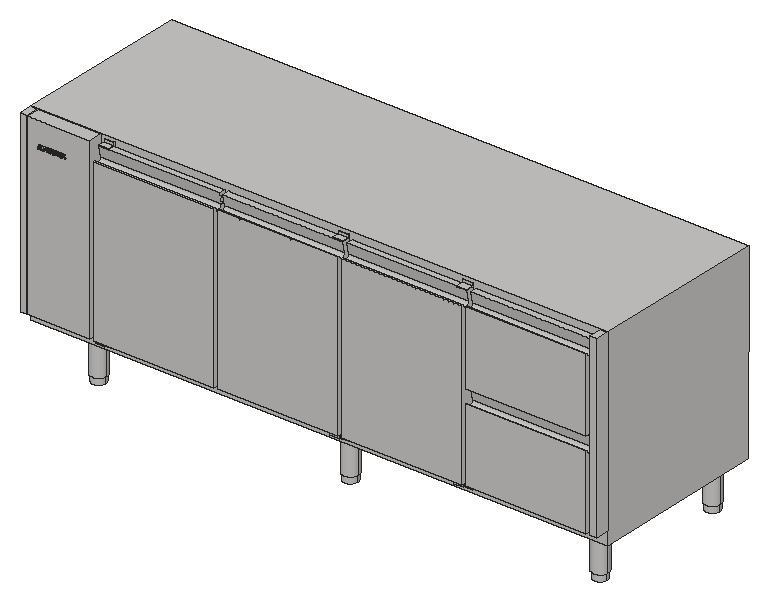
Revit family "QF_ALPENINOX_713353_AHR4RL", category Specialty Equipment, Revit 2014
Parameters
  Manufacturer = ""
  Model = ""
  Description = ""
Reference planes
  plane 1: z = 0
  plane 2 "Center (Left/Right)": x = -124.5
  plane 3 "Center (Front/Back)": y = 64.5
  plane 4 "FEET": z = 150
  plane 5 "TOP": z = 900
  plane 6 "PLAIN": z = 850
  plane 7 "EI_back": y = -116
  plane 8 "EI_left": x = -1052
  plane 9 "BACK": y = 412
  plane 10 "FRONT": y = -283
  plane 11 "DOOR": y = -233
  plane 12 "LEFT": x = -1180
  plane 13 "RIGHT": x = 931
  plane 14: x = -1155
  plane 15: x = 906
  plane 16 "RO_left": x = -1099
  plane 17 "RI_left": x = -1074
  plane 18 "RO_back": y = 39
  plane 19 "RI_back": y = 39
  plane 20 "DRAINleft": x = -1114
  plane 21 "DRAINback": y = 164
Forms (mm)
  Extrusion 1, solid, material "QF_Finishes_Stainless Steel"
    sketch origin (-1022.223, -1524, 150) x (-1, 0, 0) y (0, -1, 0)
      loop
        circle (29.777, -1408) r 5
    from 0 to -40
  Extrusion 2, solid, material "QF_Finishes_Stainless Steel"
    sketch origin (-1022.223, -1524, 150) x (-1, 0, 0) y (0, -1, 0)
      loop
        line (-1928.223, -1291) -> (-1928.223, -1241) -> (-1953.223, -1241) -> (-1953.223, -1291) -> (-1928.223, -1291)
    from 48 to 700
  Extrusion 3, solid, material "QF_Finishes_Stainless Steel"
    sketch origin (-1022.223, -1524, 150) x (-1, 0, 0) y (0, -1, 0)
      loop
        circle (76.777, -1563) r 4.25
    from 0 to -20
  Extrusion 4, solid, material "QF_Finishes_Stainless Steel"
    sketch origin (-1022.223, -1524, 150) x (-1, 0, 0) y (0, -1, 0)
      loop
        circle (51.777, -1563) r 4
    from 0 to -20
  Extrusion 5, solid, material "QF_Finishes_Stainless Steel"
    sketch origin (-1022.223, -1524, 150) x (-1, 0, 0) y (0, -1, 0)
      loop
        circle (91.777, -1688) r 8.5
    from 0 to -40
  Extrusion 6, solid, material "QF_Finishes_Stainless Steel"
    sketch origin (-1022.223, -1524, 150) x (-1, 0, 0) y (0, -1, 0)
      loop
        line (157.777, -1936) -> (157.777, -1291) -> (-1953.223, -1291) -> (-1953.223, -1936) -> (157.777, -1936)
    from 0 to 700
  Extrusion 7, solid, material "QF_Finishes_Stainless Steel"
    sketch origin (773.223, -1524, 150) x (1, 0, 0) y (0, 1, 0)
      loop
        line (-1928.223, 1291) -> (-1953.223, 1291) -> (-1953.223, 1241) -> (-1928.223, 1241) -> (-1928.223, 1291)
    from 48 to 700
Lines and regions (mm)
  symbolic lines, style "SpecialityEquipmentHiddenLines"
    curve 1: line (-1180, 412, 150) -> (931, 412, 150)
    curve 2: line (-1180, -283, 150) -> (-1180, 412, 150)
    curve 3: line (931, -283, 150) -> (-1180, -283, 150)
    curve 4: line (931, 412, 150) -> (931, -283, 150)
    curve 5: line (-1180, -233, 150) -> (931, -233, 150)
    curve 6: line (906, -233, 150) -> (906, -283, 150)
    curve 7: line (-1155, -233, 150) -> (-1155, -283, 150)
Dimensions and locks
  plane 4 "FEET" to level = 150 mm
  plane 11 "DOOR" to plane 10 "FRONT" = 50 mm
  plane 6 "PLAIN" to plane 4 "FEET" = 700 mm
  plane 5 "TOP" to plane 6 "PLAIN" = 50 mm
  plane 12 "LEFT" to plane 14 = 25 mm
  plane 15 to plane 13 "RIGHT" = 25 mm
  plane 9 "BACK" to plane 18 "RO_back" = 373 mm
  plane 9 "BACK" to plane 7 "EI_back" = 528 mm
  plane 9 "BACK" to plane 19 "RI_back" = 373 mm
  plane 9 "BACK" to plane 21 "DRAINback" = 248 mm
  plane 12 "LEFT" to plane 20 "DRAINleft" = 66 mm
  plane 12 "LEFT" to plane 8 "EI_left" = 128 mm
  plane 12 "LEFT" to plane 17 "RI_left" = 106 mm
  plane 12 "LEFT" to plane 16 "RO_left" = 81 mm
  plane 9 "BACK" to plane 10 "FRONT" = 695 mm
  equal spacing: plane 9 "BACK", plane 3 "Center (Front/Back)", plane 10 "FRONT"
  plane 12 "LEFT" to plane 13 "RIGHT" = 2111 mm
  equal spacing: plane 12 "LEFT", plane 2 "Center (Left/Right)", plane 13 "RIGHT"
  aligned and locked: level to plane 1
Automatic sketch dimensions
  Extrusion 1 sketch curve to plane 7 "EI_back" = 0 mm
  Extrusion 1 sketch curve to plane 8 "EI_left" = 0 mm
  Extrusion 2 sketch curve to plane 11 "DOOR" = 0 mm
  Extrusion 2 sketch curve to plane 13 "RIGHT" = 0 mm
  Extrusion 2 sketch curve to plane 10 "FRONT" = 0 mm
  Extrusion 2 sketch curve to plane 15 = 0 mm
  Extrusion 3 sketch curve to plane 16 "RO_left" = 0 mm
  Extrusion 3 sketch curve to plane 18 "RO_back" = 0 mm
  Extrusion 5 sketch curve to plane 20 "DRAINleft" = 0 mm
  Extrusion 5 sketch curve to plane 21 "DRAINback" = 0 mm
  Extrusion 6 sketch curve to plane 9 "BACK" = 0 mm
  Extrusion 6 sketch curve to plane 13 "RIGHT" = 0 mm
  Extrusion 6 sketch curve to plane 11 "DOOR" = 0 mm
  Extrusion 6 sketch curve to plane 12 "LEFT" = 0 mm
  curve 4 to plane 10 "FRONT" = 0 mm
  curve 4 to plane 13 "RIGHT" = 0 mm
  curve 6 to plane 11 "DOOR" = 0 mm
  curve 6 to plane 15 = 0 mm
  curve 7 to plane 14 = 0 mm
  curve 3 to plane 12 "LEFT" = 0 mm
  curve 1 to plane 9 "BACK" = 0 mm
  Extrusion 7 sketch curve to plane 11 "DOOR" = 0 mm
  Extrusion 7 sketch curve to plane 12 "LEFT" = 0 mm
  Extrusion 7 sketch curve to plane 10 "FRONT" = 0 mm
  Extrusion 7 sketch curve to plane 14 = 0 mm
  Extrusion 4 sketch curve to plane 17 "RI_left" = 0 mm
  Extrusion 4 sketch curve to plane 19 "RI_back" = 0 mm
  radius of Extrusion 1 sketch curve = 5 mm
  radius of Extrusion 3 sketch curve = 4.25 mm
  radius of Extrusion 5 sketch curve = 8.5 mm
  radius of Extrusion 4 sketch curve = 4 mm
Nested families
  nested 1: "HPP_Refrigerator" at (931, -283, 0), type "HPP_Refrigerator"
  nested 2: "HPP_FEET" at (-973, 331, 0), type "HPP_FEET"
  nested 3: "HPP_FEET" at (865, 331, 0), type "HPP_FEET"
  nested 4: "HPP_FEET" at (-973, -183, 0), type "HPP_FEET"
  nested 5: "HPP_FEET" at (865, -183, 0), type "HPP_FEET"
  nested 6: "HPP_FEET" at (-50, -183, 0), type "HPP_FEET"
  nested 7: "HPP_APX_REM_TN_L" at (-960.58, -233, 598) x (1, 0, 0) z (0, -1, 0), type "HPP_APX_REM_TN_L"
    with Show Logo yes
  nested 8: "HPP_APX_SD_L" at (-690, -233, 512) x (1, 0, 0) z (0, -1, 0), type "HPP_APX_SD_L"
    with Show Clearance yes
  nested 9: "HPP_APX_SD_R" at (-236, -233, 512) x (1, 0, 0) z (0, -1, 0), type "HPP_APX_SD_R"
    with Show Clearance yes
  nested 10: "HPP_APX_SD_R" at (218, -233, 512) x (1, 0, 0) z (0, -1, 0), type "HPP_APX_SD_R"
    with Show Clearance yes
  nested 11: "HPP_APX_HALF" at (672, -233, 512) x (1, 0, 0) z (0, -1, 0), type "HPP_APX_HALF"
    with Show Clearance yes
Connectors
  electrical at (-1052, -116, 110)
    settings: on Extrusion 1, index 1, voltage 0 V, apparent load 0 VA, apparent load phase1 0 VA, apparent load phase2 0 VA, apparent load phase3 0 VA, power factor 1, load classification "Other", number of poles 1, system type 31, power factor state 1, is connector primary yes, connector utility no, sub classification motor no, connector description "Electrical Connection"
  piping at (-1099, 39, 130), diameter 9.5
    settings: on Extrusion 3, index 3, connector inside diameter 609.6 mm, connector length 0 mm, flow factor 0, pipe flow 0.0 L/s, pressure drop 0.0 Pa, fitting loss kfactor 0, connector angle 0.00°, fixture units 0, engagement length 0 mm, angle of deflection 0.00°, flow configuration 1, flow direction 2, fitting loss method 0, system type 8, joint type 0, gender type 0, connector reference index -1, connector utility 0, adjustable connector no, is connector primary yes, connector description "Refrigerant Outlet"
  piping at (-1074, 39, 130), diameter 8
    settings: on Extrusion 4, index 4, connector inside diameter 609.6 mm, connector length 0 mm, flow factor 0, pipe flow 0.0 L/s, pressure drop 0.0 Pa, fitting loss kfactor 0, connector angle 0.00°, fixture units 0, engagement length 0 mm, angle of deflection 0.00°, flow configuration 1, flow direction 1, fitting loss method 0, system type 7, joint type 0, gender type 0, connector reference index -1, connector utility 0, adjustable connector no, is connector primary no, connector description "Refrigerant Inlet"
  piping at (-1114, 164, 110), diameter 17
    settings: on Extrusion 5, index 5, connector inside diameter 609.6 mm, connector length 0 mm, flow factor 0, pipe flow 0.0 L/s, pressure drop 0.0 Pa, fitting loss kfactor 0, connector angle 0.00°, fixture units 0, engagement length 0 mm, angle of deflection 0.00°, flow configuration 1, flow direction 2, fitting loss method 0, system type 16, joint type 0, gender type 0, connector reference index -1, connector utility 0, adjustable connector no, is connector primary no, connector description "Drain"
Definition of nested family "HPP_FEET"
  Parameters (values of type "HPP_FEET")
    FEET = 150 mm
  Reference planes
    plane 1 "Center (Front/Back)": y = 0
    plane 2: z = 0
    plane 3 "Center (Left/Right)": x = 0
    plane 4: z = 150
  Forms (mm)
    Revolve 1, solid, material "QF_Finishes_Stainless Steel"
      sketch origin (255.05, 0, 608.09) x (0, 0, 1) y (-1, 0, 0)
        loop
          line (-608.09, 255.05) -> (-608.09, 230.05) -> (-583.09, 230.05) -> (-583.09, 226.05) -> (-458.09, 226.05) -> (-458.09, 255.05) -> (-608.09, 255.05)
        axis (-608.09, 255.05) -> (-458.09, 255.05)
      angle from 0 to 360
  Dimensions and locks
    locked: Revolve 1 sketch curve to Revolve 1 sketch curve at 125
    "FEET": plane 4 to plane 2
    aligned and locked: level to plane 2
    aligned and locked: plane 4 to Revolve 1 sketch curve
    aligned and locked: Revolve 1 sketch curve to level
    aligned and locked: plane 3 "Center (Left/Right)" to Revolve 1 sketch curve
  Automatic sketch dimensions
    Revolve 1 sketch curve to plane 3 "Center (Left/Right)" = 0 mm
    Revolve 1 sketch curve to Revolve 1 sketch curve = 25 mm
    Revolve 1 sketch curve to Revolve 1 sketch curve = 29 mm
    plane 4 to Revolve 1 sketch curve = 50 mm
    Revolve 1 sketch curve to Revolve 1 sketch curve = 20 mm
Definition of nested family "HPP_APX_REM_TN_L"
  Parameters (values of type "HPP_APX_REM_TN_L")
    Show Logo [instance] = yes
    Default Elevation = 1219.2 mm
  Reference planes
    plane 1 "Center (Front/Back)": y = -74
    plane 2: z = 0
    plane 3 "Center (Left/Right)": x = -78.92
    plane 4: x = -194.42
    plane 5: x = 36.58
    plane 6: y = 252
    plane 7: y = -400
  Forms (mm)
    Extrusion 1, solid
      sketch origin (0, 0, 0) x (1, 0, 0) y (0, 1, 0)
        loop
          line (-1219.2, 1219.2) -> (-1219.2, -1219.2) -> (1219.2, -1219.2) -> (1219.2, 1219.2) -> (-1219.2, 1219.2)
      from 0 to -304.8
    Extrusion 2, solid, material "QF_Finishes_Stainless Steel"
      sketch origin (0, 0, 0) x (1, 0, 0) y (0, 1, 0)
        loop
          line (-194.42, 252) -> (-194.42, -400) -> (36.58, -400) -> (36.58, 252) -> (-194.42, 252)
      from 0 to 50
    Extrusion 3, solid, material "QF_Finishes_Alpeninox_Soft Green"
      sketch origin (18.272, 0.892, 0) x (1, 0, 0) y (0, 1, 0)
        loop
          line (-168.675, 170.349) -> (-172.411, 160.318)
          arc (-172.411, 160.318) -> (-171.624, 158.497) -> (-169.837, 159.36) r 1.374
          line (-169.837, 159.36) -> (-169.268, 161.111) -> (-164.1, 161.111) -> (-163.54, 159.379)
          arc (-163.54, 159.379) -> (-161.802, 158.542) -> (-161.049, 160.318) r 1.333
          line (-161.049, 160.318) -> (-164.694, 170.349)
          arc (-164.694, 170.349) -> (-166.685, 171.876) -> (-168.675, 170.349) r 2.06
        loop
          line (-166.681, 169.055) -> (-168.469, 163.655) -> (-164.935, 163.655) -> (-166.681, 169.055)
        loop
          arc (-159.705, 160.042) -> (-159.262, 158.973) -> (-158.194, 158.531) r 1.512
          line (-158.194, 158.531) -> (-153.608, 158.531)
          arc (-153.608, 158.531) -> (-152.337, 159.802) -> (-153.608, 161.074) r 1.272
          line (-153.608, 161.074) -> (-156.917, 161.074) -> (-156.917, 170.328)
          arc (-156.917, 170.328) -> (-158.311, 171.722) -> (-159.705, 170.328) r 1.394
          line (-159.705, 170.328) -> (-159.705, 160.042)
        loop
          line (-151.076, 170.218) -> (-151.076, 159.859)
          arc (-151.076, 159.859) -> (-149.683, 158.466) -> (-148.29, 159.859) r 1.393
          line (-148.29, 159.859) -> (-148.29, 162.882) -> (-146.225, 162.882)
          arc (-146.225, 162.882) -> (-142.999, 163.859) -> (-141.608, 166.928) r 4.082
          arc (-141.608, 166.928) -> (-142.993, 170.272) -> (-146.336, 171.657) r 4.728
          line (-146.336, 171.657) -> (-149.638, 171.657)
          arc (-149.638, 171.657) -> (-150.655, 171.235) -> (-151.076, 170.218) r 1.439
        loop
          line (-148.29, 165.313) -> (-146.388, 165.313)
          arc (-146.388, 165.313) -> (-144.433, 167.268) -> (-146.388, 169.222) r 1.955
          line (-146.388, 169.222) -> (-148.29, 169.222) -> (-148.29, 165.313)
        loop
          arc (-131.184, 166.332) -> (-132.004, 168.2) -> (-133.767, 169.228) r 3.3
          arc (-133.767, 169.228) -> (-136.353, 168.661) -> (-137.611, 166.332) r 3.176
          line (-137.611, 166.332) -> (-131.184, 166.332)
        loop
          line (-137.538, 163.743) -> (-130.544, 163.743)
          arc (-130.544, 163.743) -> (-129.292, 163.916) -> (-128.301, 164.701) r 2.4
          arc (-128.301, 164.701) -> (-128.155, 165.545) -> (-128.212, 166.399) r 3.635
          arc (-128.212, 166.399) -> (-130.364, 170.162) -> (-134.39, 171.769) r 6.579
          arc (-134.39, 171.769) -> (-138.918, 169.706) -> (-140.661, 165.044) r 6.501
          arc (-140.661, 165.044) -> (-139.276, 160.789) -> (-135.401, 158.549) r 6.252
          arc (-135.401, 158.549) -> (-132.922, 158.526) -> (-130.544, 159.232) r 8.361
          arc (-130.544, 159.232) -> (-129.466, 159.781) -> (-128.641, 160.666) r 3.486
          arc (-128.641, 160.666) -> (-128.419, 161.592) -> (-128.828, 162.451) r 1.425
          arc (-128.828, 162.451) -> (-129.368, 162.762) -> (-129.99, 162.762) r 1.203
          arc (-129.99, 162.762) -> (-130.406, 162.59) -> (-130.764, 162.316) r 1.724
          arc (-130.764, 162.316) -> (-131.666, 161.705) -> (-132.646, 161.229) r 7.6
          arc (-132.646, 161.229) -> (-135.676, 161.35) -> (-137.538, 163.743) r 3.6
        loop
          line (-126.669, 170.328) -> (-126.669, 159.859)
          arc (-126.669, 159.859) -> (-125.273, 158.463) -> (-123.878, 159.859) r 1.396
          line (-123.878, 159.859) -> (-123.878, 166.785) -> (-117.946, 159.029)
          arc (-117.946, 159.029) -> (-116.361, 158.51) -> (-115.379, 159.859) r 1.417
          line (-115.379, 159.859) -> (-115.379, 170.328)
          arc (-115.379, 170.328) -> (-116.774, 171.723) -> (-118.169, 170.328) r 1.395
          line (-118.169, 170.328) -> (-118.169, 163.311) -> (-124.101, 171.157)
          arc (-124.101, 171.157) -> (-125.687, 171.678) -> (-126.669, 170.328) r 1.418
        loop
          arc (-113.636, 159.859) -> (-112.241, 158.464) -> (-110.847, 159.859) r 1.394
          line (-110.847, 159.859) -> (-110.847, 170.328)
          arc (-110.847, 170.328) -> (-112.241, 171.723) -> (-113.636, 170.328) r 1.394
          line (-113.636, 170.328) -> (-113.636, 159.859)
        loop
          line (-109.102, 170.328) -> (-109.102, 159.859)
          arc (-109.102, 159.859) -> (-107.706, 158.463) -> (-106.31, 159.859) r 1.396
          line (-106.31, 159.859) -> (-106.31, 166.785) -> (-100.378, 159.029)
          arc (-100.378, 159.029) -> (-98.793, 158.51) -> (-97.812, 159.859) r 1.417
          line (-97.812, 159.859) -> (-97.812, 170.328)
          arc (-97.812, 170.328) -> (-99.207, 171.723) -> (-100.602, 170.328) r 1.395
          line (-100.602, 170.328) -> (-100.602, 163.311) -> (-106.533, 171.157)
          arc (-106.533, 171.157) -> (-108.119, 171.678) -> (-109.102, 170.328) r 1.418
        loop
          arc (-96.345, 165.093) -> (-95.619, 161.877) -> (-93.467, 159.379) r 6.806
          arc (-93.467, 159.379) -> (-91.792, 158.566) -> (-89.948, 158.31) r 5.956
          arc (-89.948, 158.31) -> (-88.104, 158.566) -> (-86.43, 159.379) r 5.956
          arc (-86.43, 159.379) -> (-84.277, 161.877) -> (-83.551, 165.093) r 6.806
          arc (-83.551, 165.093) -> (-84.277, 168.31) -> (-86.43, 170.808) r 6.806
          arc (-86.43, 170.808) -> (-88.104, 171.621) -> (-89.948, 171.877) r 5.956
          arc (-89.948, 171.877) -> (-91.792, 171.621) -> (-93.467, 170.808) r 5.956
          arc (-93.467, 170.808) -> (-95.619, 168.31) -> (-96.345, 165.093) r 6.806
        loop
          arc (-93.425, 165.093) -> (-93.138, 163.212) -> (-92.081, 161.629) r 4.387
          arc (-92.081, 161.629) -> (-91.087, 161.049) -> (-89.948, 160.881) r 3.035
          arc (-89.948, 160.881) -> (-88.809, 161.049) -> (-87.815, 161.629) r 3.035
          arc (-87.815, 161.629) -> (-86.759, 163.212) -> (-86.472, 165.093) r 4.387
          arc (-86.472, 165.093) -> (-86.759, 166.975) -> (-87.815, 168.558) r 4.387
          arc (-87.815, 168.558) -> (-88.809, 169.138) -> (-89.948, 169.306) r 3.035
          arc (-89.948, 169.306) -> (-91.087, 169.138) -> (-92.081, 168.558) r 3.035
          arc (-92.081, 168.558) -> (-93.138, 166.975) -> (-93.425, 165.093) r 4.387
        loop
          line (-82.843, 169.609) -> (-79.829, 165.552) -> (-83.513, 160.652)
          arc (-83.513, 160.652) -> (-83.216, 158.692) -> (-81.262, 159.029) r 1.388
          line (-81.262, 159.029) -> (-78.213, 163.232) -> (-75.164, 159.029)
          arc (-75.164, 159.029) -> (-73.211, 158.692) -> (-72.913, 160.652) r 1.388
          line (-72.913, 160.652) -> (-76.597, 165.552) -> (-73.584, 169.609)
          arc (-73.584, 169.609) -> (-73.952, 171.597) -> (-75.908, 171.084) r 1.38
          line (-75.908, 171.084) -> (-78.213, 167.841) -> (-80.519, 171.084)
          arc (-80.519, 171.084) -> (-82.474, 171.597) -> (-82.843, 169.609) r 1.38
      from 50 to 51.6
  Lines and regions (mm)
    Split face 1
      outline origin (0, 0, 50) x (1, 0, 0) y (0, 1, 0)
        loop
          line (36.58, 183) -> (-147.92, 183)
          arc (-147.92, 183) -> (-165.42, 165.5) -> (-147.92, 148) r 17.5
          line (-147.92, 148) -> (36.58, 148)
    Split face 2
      outline origin (12.5, 0, 50) x (1, 0, 0) y (0, 1, 0)
        loop
          line (-55.92, 177) -> (-55.92, 154) -> (14.08, 154) -> (14.08, 177) -> (-55.92, 177)
    Split face 3
      outline origin (12.5, 0, 50) x (1, 0, 0) y (0, 1, 0)
        loop
          line (-5.92, 174) -> (-5.92, 157) -> (11.08, 157) -> (11.08, 174) -> (-5.92, 174)
    Split face 4
      outline origin (0, 0, 50) x (1, 0, 0) y (0, 1, 0)
        loop
          line (-194.42, 188) -> (36.58, 188)
        loop
          line (-194.42, 143) -> (36.58, 143)
    symbolic lines, style "SpecialityEquipmentHiddenLines"
      curve 1: line (36.58, -74, 50) -> (36.58, -74, 0)
      curve 2: line (-194.42, -74, 50) -> (-194.42, -74, 0)
  Dimensions and locks
    equal spacing: plane 6, plane 1 "Center (Front/Back)", plane 7
    plane 4 to plane 5 = 231 mm
    equal spacing: plane 4, plane 3 "Center (Left/Right)", plane 5
    plane 6 to plane 7 = 652 mm
    aligned and locked: plane 2 to Extrusion 1
    aligned and locked: level to Extrusion 1
  Automatic sketch dimensions
    Extrusion 1 sketch curve to Extrusion 1 sketch curve = 2438.4 mm  (x2)
    Extrusion 2 sketch curve to plane 4 = 0 mm
    Extrusion 2 sketch curve to plane 5 = 0 mm
    Extrusion 2 sketch curve to plane 7 = 0 mm
    Extrusion 2 sketch curve to plane 6 = 0 mm
    Split face 1 sketch curve to Extrusion 2 = 0 mm  (x2)
    Split face 1 sketch curve to Extrusion 2 = 46.5 mm
    Split face 1 sketch curve to Extrusion 2 = 86.5 mm
    Split face 1 sketch curve to Split face 1 sketch curve = 17.5 mm
    Split face 2 sketch curve to Extrusion 2 = 80 mm
    Split face 2 sketch curve to Extrusion 2 = 10 mm
    Split face 2 sketch curve to Extrusion 2 = 98 mm
    Split face 2 sketch curve to Split face 2 sketch curve = 23 mm
    Split face 3 sketch curve to Extrusion 2 = 30 mm
    Split face 3 sketch curve to Split face 3 sketch curve = 17 mm  (x2)
    Split face 3 sketch curve to Extrusion 2 = 95 mm
    plane 4 to Extrusion 3 sketch curve = 40.282 mm
    Extrusion 3 sketch curve to Extrusion 3 sketch curve = 1.266 mm
    Extrusion 3 sketch curve to Extrusion 3 sketch curve = 1.307 mm
    Extrusion 3 sketch curve to Extrusion 3 sketch curve = 0.57 mm
    Extrusion 3 sketch curve to Extrusion 3 sketch curve = 0.593 mm
    Extrusion 3 sketch curve to Extrusion 3 sketch curve = 0.799 mm
    Extrusion 3 sketch curve to Extrusion 3 sketch curve = 1.99 mm  (x2)
    Extrusion 3 sketch curve to Extrusion 3 sketch curve = 0.003 mm
    Extrusion 3 sketch curve to Extrusion 3 sketch curve = 3.534 mm
    Extrusion 3 sketch curve to Extrusion 3 sketch curve = 0.835 mm
    Extrusion 3 sketch curve to Extrusion 3 sketch curve = 0.56 mm
    Extrusion 3 sketch curve to Extrusion 3 sketch curve = 1.268 mm
    Extrusion 3 sketch curve to Extrusion 3 sketch curve = 1.223 mm
    Extrusion 3 sketch curve to Extrusion 3 sketch curve = 1.344 mm
    Extrusion 3 sketch curve to Extrusion 3 sketch curve = 1.394 mm  (x2)
    Extrusion 3 sketch curve to Extrusion 3 sketch curve = 1.512 mm
    Extrusion 3 sketch curve to Extrusion 3 sketch curve = 3.309 mm
    Extrusion 3 sketch curve to Extrusion 3 sketch curve = 5.841 mm
    Extrusion 3 sketch curve to Extrusion 3 sketch curve = 1.393 mm
    Extrusion 3 sketch curve to Extrusion 3 sketch curve = 1.439 mm
    Extrusion 3 sketch curve to Extrusion 3 sketch curve = 0 mm  (x18)
    Extrusion 3 sketch curve to Extrusion 3 sketch curve = 1.902 mm
    Extrusion 3 sketch curve to Extrusion 3 sketch curve = 0.052 mm
    Extrusion 3 sketch curve to Extrusion 3 sketch curve = 2.065 mm
    Extrusion 3 sketch curve to Extrusion 3 sketch curve = 0.647 mm
    Extrusion 3 sketch curve to Extrusion 3 sketch curve = 8.079 mm
    Extrusion 3 sketch curve to Extrusion 3 sketch curve = 0.073 mm
    Extrusion 3 sketch curve to Extrusion 3 sketch curve = 2.145 mm
    Extrusion 3 sketch curve to Extrusion 3 sketch curve = 2.931 mm
    Extrusion 3 sketch curve to Extrusion 3 sketch curve = 0.213 mm
    Extrusion 3 sketch curve to Extrusion 3 sketch curve = 0.026 mm
    Extrusion 3 sketch curve to Extrusion 3 sketch curve = 0.263 mm
    Extrusion 3 sketch curve to Extrusion 3 sketch curve = 0.516 mm
    Extrusion 3 sketch curve to Extrusion 3 sketch curve = 0.356 mm
    Extrusion 3 sketch curve to Extrusion 3 sketch curve = 0.387 mm
    Extrusion 3 sketch curve to Extrusion 3 sketch curve = 2.378 mm
    Extrusion 3 sketch curve to Extrusion 3 sketch curve = 2.466 mm
    Extrusion 3 sketch curve to Extrusion 3 sketch curve = 0.602 mm
    Extrusion 3 sketch curve to Extrusion 3 sketch curve = 1.02 mm
    Extrusion 3 sketch curve to Extrusion 3 sketch curve = 0.949 mm
    Extrusion 3 sketch curve to Extrusion 3 sketch curve = 1.728 mm
    Extrusion 3 sketch curve to Extrusion 3 sketch curve = 0.157 mm  (x2)
    Extrusion 3 sketch curve to Extrusion 3 sketch curve = 0.292 mm
    Extrusion 3 sketch curve to Extrusion 3 sketch curve = 3.565 mm
    Extrusion 3 sketch curve to Extrusion 3 sketch curve = 1.396 mm  (x2)
    Extrusion 3 sketch curve to Extrusion 3 sketch curve = 1.418 mm  (x2)
    Extrusion 3 sketch curve to Extrusion 3 sketch curve = 1.151 mm  (x2)
    Extrusion 3 sketch curve to Extrusion 3 sketch curve = 5.709 mm  (x2)
    Extrusion 3 sketch curve to Extrusion 3 sketch curve = 0.224 mm  (x2)
    Extrusion 3 sketch curve to Extrusion 3 sketch curve = 1.149 mm  (x2)
    Extrusion 3 sketch curve to Extrusion 3 sketch curve = 1.395 mm  (x2)
    Extrusion 3 sketch curve to Extrusion 3 sketch curve = 1.744 mm
    Extrusion 3 sketch curve to Extrusion 3 sketch curve = 1.745 mm
    plane 3 "Center (Left/Right)" to Extrusion 3 sketch curve = 6.343 mm
    Extrusion 3 sketch curve to Extrusion 3 sketch curve = 0.493 mm  (x3)
    Extrusion 3 sketch curve to Extrusion 3 sketch curve = 0.273 mm  (x2)
    Extrusion 3 sketch curve to Extrusion 3 sketch curve = 0.021 mm  (x2)
    Extrusion 3 sketch curve to Extrusion 3 sketch curve = 0.226 mm  (x2)
    Extrusion 3 sketch curve to Extrusion 3 sketch curve = 0.268 mm  (x2)
    Extrusion 3 sketch curve to Extrusion 3 sketch curve = 0.294 mm
    Extrusion 3 sketch curve to Extrusion 3 sketch curve = 5.534 mm
    Extrusion 3 sketch curve to Extrusion 3 sketch curve = 6.205 mm
    Extrusion 3 sketch curve to Extrusion 3 sketch curve = 1.109 mm  (x2)
    Extrusion 3 sketch curve to Extrusion 3 sketch curve = 1.108 mm  (x2)
    Extrusion 3 sketch curve to Extrusion 3 sketch curve = 1.142 mm  (x2)
    Extrusion 3 sketch curve to Extrusion 3 sketch curve = 1.216 mm  (x2)
    Extrusion 3 sketch curve to Extrusion 3 sketch curve = 3.013 mm
    Extrusion 3 sketch curve to Extrusion 3 sketch curve = 1.616 mm  (x3)
    Extrusion 3 sketch curve to Extrusion 3 sketch curve = 2.305 mm
    Extrusion 3 sketch curve to Extrusion 3 sketch curve = 3.049 mm
    Extrusion 3 sketch curve to plane 6 = 92.577 mm
    Extrusion 3 sketch curve to Extrusion 3 sketch curve = 0.498 mm
    Extrusion 3 sketch curve to Extrusion 3 sketch curve = 0.682 mm
    Extrusion 3 sketch curve to Extrusion 3 sketch curve = 0.664 mm
    Extrusion 3 sketch curve to Extrusion 3 sketch curve = 0.425 mm
    Extrusion 3 sketch curve to Extrusion 3 sketch curve = 0.41 mm
    Extrusion 3 sketch curve to Extrusion 3 sketch curve = 1.272 mm
    Extrusion 3 sketch curve to Extrusion 3 sketch curve = 0.789 mm  (x2)
    Extrusion 3 sketch curve to Extrusion 3 sketch curve = 0.056 mm
    Extrusion 3 sketch curve to Extrusion 3 sketch curve = 0.83 mm
    Extrusion 3 sketch curve to Extrusion 3 sketch curve = 1.238 mm
    Extrusion 3 sketch curve to Extrusion 3 sketch curve = 1.732 mm
    Extrusion 3 sketch curve to Extrusion 3 sketch curve = 0.346 mm
    Extrusion 3 sketch curve to Extrusion 3 sketch curve = 1.123 mm
    Extrusion 3 sketch curve to Extrusion 3 sketch curve = 3.023 mm
    Extrusion 3 sketch curve to Extrusion 3 sketch curve = 4.203 mm
    Extrusion 3 sketch curve to Extrusion 3 sketch curve = 3.452 mm  (x2)
    Extrusion 3 sketch curve to Extrusion 3 sketch curve = 2.544 mm
    Extrusion 3 sketch curve to Extrusion 3 sketch curve = 1.177 mm
    Extrusion 3 sketch curve to Extrusion 3 sketch curve = 3.261 mm
    Extrusion 3 sketch curve to Extrusion 3 sketch curve = 0.352 mm  (x2)
    Extrusion 3 sketch curve to Extrusion 3 sketch curve = 1.987 mm
    Extrusion 3 sketch curve to Extrusion 3 sketch curve = 0.171 mm
    Extrusion 3 sketch curve to Extrusion 3 sketch curve = 0.533 mm  (x3)
    Extrusion 3 sketch curve to Extrusion 3 sketch curve = 0.14 mm  (x4)
    Extrusion 3 sketch curve to Extrusion 3 sketch curve = 0.473 mm
    Extrusion 3 sketch curve to Extrusion 3 sketch curve = 0.31 mm  (x2)
    Extrusion 3 sketch curve to Extrusion 3 sketch curve = 0.075 mm
    Extrusion 3 sketch curve to Extrusion 3 sketch curve = 2.431 mm
    Extrusion 3 sketch curve to Extrusion 3 sketch curve = 2.32 mm  (x2)
    Extrusion 3 sketch curve to Extrusion 3 sketch curve = 1.992 mm
    Extrusion 3 sketch curve to Extrusion 3 sketch curve = 0.674 mm
    Extrusion 3 sketch curve to Extrusion 3 sketch curve = 0.732 mm
    Extrusion 3 sketch curve to Extrusion 3 sketch curve = 0.388 mm
    Extrusion 3 sketch curve to Extrusion 3 sketch curve = 0.121 mm
    Extrusion 3 sketch curve to Extrusion 3 sketch curve = 2.589 mm
    Extrusion 3 sketch curve to Extrusion 3 sketch curve = 0.662 mm
    Extrusion 3 sketch curve to Extrusion 3 sketch curve = 3.473 mm
    Extrusion 3 sketch curve to Extrusion 3 sketch curve = 0.681 mm
    Extrusion 3 sketch curve to Extrusion 3 sketch curve = 1.615 mm
    Extrusion 3 sketch curve to Extrusion 3 sketch curve = 0.34 mm
    Extrusion 3 sketch curve to Extrusion 3 sketch curve = 2.288 mm
    Extrusion 3 sketch curve to Extrusion 3 sketch curve = 0.942 mm
    Extrusion 3 sketch curve to Extrusion 3 sketch curve = 5.4 mm
    Extrusion 3 sketch curve to Extrusion 3 sketch curve = 1.768 mm  (x2)
    Extrusion 3 sketch curve to Extrusion 3 sketch curve = 0.761 mm
    Extrusion 3 sketch curve to Extrusion 3 sketch curve = 0.996 mm
    Extrusion 3 sketch curve to Extrusion 3 sketch curve = 3.543 mm  (x2)
    Extrusion 3 sketch curve to Extrusion 3 sketch curve = 7.017 mm
    Extrusion 3 sketch curve to Extrusion 3 sketch curve = 0.11 mm
    Extrusion 3 sketch curve to Extrusion 3 sketch curve = 0.823 mm  (x2)
    Extrusion 3 sketch curve to Extrusion 3 sketch curve = 0.947 mm
    Extrusion 3 sketch curve to Extrusion 3 sketch curve = 3.837 mm
    Extrusion 3 sketch curve to Extrusion 3 sketch curve = 0.623 mm
    Extrusion 3 sketch curve to Extrusion 3 sketch curve = 1.082 mm
    Extrusion 3 sketch curve to Extrusion 3 sketch curve = 0.801 mm
    Extrusion 3 sketch curve to Extrusion 3 sketch curve = 1 mm
    Extrusion 3 sketch curve to Extrusion 3 sketch curve = 0.089 mm
    plane 3 "Center (Left/Right)" to Extrusion 3 sketch curve = 0.847 mm
    plane 3 "Center (Left/Right)" to Extrusion 3 sketch curve = 3.726 mm  (x2)
    plane 3 "Center (Left/Right)" to Extrusion 3 sketch curve = 3.767 mm
    plane 3 "Center (Left/Right)" to Extrusion 3 sketch curve = 5.111 mm  (x2)
    plane 3 "Center (Left/Right)" to Extrusion 3 sketch curve = 7.244 mm  (x4)
    Extrusion 3 sketch curve to Extrusion 3 sketch curve = 2.133 mm  (x2)
    Extrusion 3 sketch curve to Extrusion 3 sketch curve = 1.385 mm  (x2)
    Extrusion 3 sketch curve to Extrusion 3 sketch curve = 5.603 mm
    Extrusion 3 sketch curve to Extrusion 3 sketch curve = 2.571 mm
    Split face 4 sketch curve to Extrusion 2 = 0 mm  (x4)
    Split face 4 sketch curve to Extrusion 2 = 109 mm
    Split face 4 sketch curve to Split face 4 sketch curve = 45 mm
    curve 2 to plane 4 = 0 mm
    curve 1 to level = 0 mm
    curve 1 to plane 5 = 0 mm
    curve 2 to level = 0 mm
    level to curve 2 = 50 mm
    level to curve 1 = 50 mm
Definition of nested family "HPP_APX_SD_L"
  Parameters (values of type "HPP_APX_SD_L")
    Show Clearance [instance] = yes
    Default Elevation = 1219.2 mm
  Reference planes
    plane 1 "Center (Front/Back)": y = 0
    plane 2: z = 0
    plane 3 "Center (Left/Right)": x = 0
    plane 4: x = -234
    plane 5: x = 234
  Forms (mm)
    Extrusion 1, solid
      sketch origin (0, 0, 0) x (1, 0, 0) y (0, 1, 0)
        loop
          line (-1219.2, 1219.2) -> (-1219.2, -1219.2) -> (1219.2, -1219.2) -> (1219.2, 1219.2) -> (-1219.2, 1219.2)
      from 0 to -304.8
    Extrusion 2, solid, material "QF_Finishes_Stainless Steel"
      sketch origin (0, 0, -3) x (0, 1, 0) y (0, 0, 1)
        loop
          line (-314, 53) -> (-314, 3) -> (314, 3) -> (314, 29) -> (274.395, 20)
          arc (274.395, 20) -> (260.396, 33.803) -> (274, 47.994) r 14
          line (274, 47.994) -> (274, 53) -> (-314, 53)
      from -220 to 220
    Extrusion 3, solid, material "QF_Finishes_Stainless Steel"
      sketch origin (0, 0, 0) x (0, 1, 0) y (0, 0, -1)
        loop
          line (-323.003, -40.312) -> (-323.003, -12.259) -> (-323.003, 0) -> (-351.511, 0) -> (-351.511, -2.5) -> (-325.503, -2.5) -> (-325.503, -42.812) -> (-316.501, -42.812) -> (-316.501, -40.312) -> (-323.003, -40.312)
        loop
          line (-314, -38.311) -> (-314, -11.804) -> (-319.752, -11.804) -> (-319.752, -14.304) -> (-316.501, -14.304) -> (-316.501, -38.311) -> (-314, -38.311)
        loop
          line (315.003, -27.948) -> (317.503, -27.948) -> (317.503, -2.5) -> (327.503, -2.5) -> (327.503, 0) -> (315.003, 0) -> (315.003, -2.948) -> (315.003, -27.948)
      from 185 to 220
    Extrusion 4, solid, material "QF_Door-Drawer Clearances", visible <- "Show Clearance", detail levels coarse
      sketch origin (0, 0, -3) x (-1, 0, 0) y (0, 0, -1)
        loop
          line (220, -53) -> (-220, -53)
          arc (-220, -53) -> (-79.636, -340.04) -> (220, -451) r 430
          line (220, -451) -> (220, -53)
      from -314 to 314
  Lines and regions (mm)
    symbolic lines, style "QF_Door-Drawer Clearances"
      curve 1: arc (219.599, 0, 55) -> (95.934, 0, 321.503) -> (-170, 0, 446.39) r 430
      curve 2: line (-220, 0, 55) -> (-220, 0, 448)
      curve 3: line (-170, 0, 55) -> (-170, 0, 448)
      curve 4: line (-220, 0, 448) -> (-170, 0, 448)
  Dimensions and locks
    plane 4 to plane 3 "Center (Left/Right)" to plane 5 = 234 mm locked, 234 mm locked
    aligned and locked: plane 2 to Extrusion 1
    aligned and locked: level to Extrusion 1
Definition of nested family "HPP_APX_SD_R"
  Parameters (values of type "HPP_APX_SD_R")
    Show Clearance [instance] = yes
    Default Elevation = 1219.2 mm
  Reference planes
    plane 1 "Center (Front/Back)": y = 0
    plane 2: z = 0
    plane 3 "Center (Left/Right)": x = 0
    plane 4: x = -234
    plane 5: x = 234
  Forms (mm)
    Extrusion 1, solid
      sketch origin (0, 0, 0) x (1, 0, 0) y (0, 1, 0)
        loop
          line (-1219.2, 1219.2) -> (-1219.2, -1219.2) -> (1219.2, -1219.2) -> (1219.2, 1219.2) -> (-1219.2, 1219.2)
      from 0 to -304.8
    Extrusion 2, solid, material "QF_Finishes_Stainless Steel"
      sketch origin (0, 0, -3) x (0, 1, 0) y (0, 0, -1)
        loop
          line (-314, -53) -> (274, -53) -> (274, -47.994)
          arc (274, -47.994) -> (260.396, -33.803) -> (274.395, -20) r 14
          line (274.395, -20) -> (314, -29) -> (314, -3) -> (-314, -3) -> (-314, -53)
      from -220 to 220
    Extrusion 3, solid, material "QF_Finishes_Stainless Steel"
      sketch origin (0, 0, 0) x (0, 1, 0) y (0, 0, 1)
        loop
          line (-323.003, 40.312) -> (-316.501, 40.312) -> (-316.501, 42.812) -> (-325.503, 42.812) -> (-325.503, 2.5) -> (-351.511, 2.5) -> (-351.511, 0) -> (-323.003, 0) -> (-323.003, 12.259) -> (-323.003, 40.312)
        loop
          line (-314, 38.311) -> (-316.501, 38.311) -> (-316.501, 14.304) -> (-319.752, 14.304) -> (-319.752, 11.804) -> (-314, 11.804) -> (-314, 38.311)
        loop
          line (315.003, 27.948) -> (315.003, 2.948) -> (315.003, 0) -> (327.503, 0) -> (327.503, 2.5) -> (317.503, 2.5) -> (317.503, 27.948) -> (315.003, 27.948)
      from 185 to 220
    Extrusion 4, solid, material "QF_Door-Drawer Clearances", visible <- "Show Clearance", detail levels coarse
      sketch origin (0, 0, -3) x (1, 0, 0) y (0, 0, 1)
        loop
          line (220, 53) -> (220, 451)
          arc (220, 451) -> (-79.636, 340.04) -> (-220, 53) r 430
          line (-220, 53) -> (220, 53)
      from -314 to 314
  Lines and regions (mm)
    symbolic lines, style "QF_Door-Drawer Clearances"
      curve 1: arc (-219.599, 0, 55) -> (-95.934, 0, 321.503) -> (170, 0, 446.39) r 430
      curve 2: line (220, 0, 55) -> (220, 0, 448)
      curve 3: line (170, 0, 55) -> (170, 0, 448)
      curve 4: line (220, 0, 448) -> (170, 0, 448)
  Dimensions and locks
    plane 4 to plane 3 "Center (Left/Right)" to plane 5 = 234 mm locked, 234 mm locked
    aligned and locked: plane 2 to Extrusion 1
    aligned and locked: level to Extrusion 1
Definition of nested family "HPP_APX_HALF"
  Parameters (values of type "HPP_APX_HALF")
    Show Clearance [instance] = yes
    Default Elevation = 1219.2 mm
  Reference planes
    plane 1 "Center (Front/Back)": y = 0
    plane 2: z = 0
    plane 3 "Center (Left/Right)": x = 0
    plane 4: x = -234
    plane 5: x = 234
    plane 6: z = 618
  Forms (mm)
    Extrusion 1, solid
      sketch origin (0, 0, 0) x (1, 0, 0) y (0, 1, 0)
        loop
          line (-1219.2, 1219.2) -> (-1219.2, -1219.2) -> (1219.2, -1219.2) -> (1219.2, 1219.2) -> (-1219.2, 1219.2)
      from 0 to -304.8
    Extrusion 2, solid, material "QF_Finishes_Stainless Steel"
      sketch origin (0, 0, 0) x (0, 1, 0) y (0, 0, 1)
        loop
          line (314, 0) -> (314, 26) -> (274.395, 17)
          arc (274.395, 17) -> (260.395, 31) -> (274.395, 45) r 14
          line (274.395, 45) -> (274.395, 50) -> (5, 50) -> (5, 0) -> (314, 0)
        loop
          line (-5, 0) -> (-5, 26) -> (-44.605, 17)
          arc (-44.605, 17) -> (-58.605, 31) -> (-44.605, 45) r 14
          line (-44.605, 45) -> (-44.605, 50) -> (-314, 50) -> (-314, 0) -> (-5, 0)
      from -220 to 220
    Extrusion 3, solid, material "QF_Door-Drawer Clearances", visible <- "Show Clearance", detail levels coarse
      sketch origin (0, 0, 512) x (0, 1, 0) y (0, 0, 1)
        loop
          line (-314, 106) -> (-314, -462) -> (-5, -462) -> (-5, 82) -> (-44.605, 73)
          arc (-44.605, 73) -> (-58.605, 87) -> (-44.605, 101) r 14
          line (-44.605, 101) -> (-44.605, 106) -> (-314, 106)
        loop
          line (314, -462) -> (314, 82) -> (274.395, 73)
          arc (274.395, 73) -> (260.395, 87) -> (274.395, 101) r 14
          line (274.395, 101) -> (274.395, 106) -> (5, 106) -> (5, -462) -> (314, -462)
      from -220 to 220
  Lines and regions (mm)
    symbolic lines, style "QF_Door-Drawer Clearances"
      curve 1: line (220, 0, 139.793) -> (-220, 0, 139.793)
      curve 2: line (220, 0, 174.793) -> (-220, 0, 174.793)
      curve 3: line (220, 0, 259.793) -> (-220, 0, 259.793)
      curve 4: line (220, 0, 294.793) -> (-220, 0, 294.793)
      curve 5: line (191.424, 0, 139.793) -> (191.424, 0, 54.793)
      curve 6: line (-190, 0, 139.793) -> (-190, 0, 54.793)
      curve 7: line (191.424, 0, 259.793) -> (191.424, 0, 174.793)
      curve 8: line (-190, 0, 259.793) -> (-190, 0, 174.793)
      curve 9: line (220, 0, 259.793) -> (220, 0, 294.793)
      curve 10: line (-220, 0, 259.793) -> (-220, 0, 294.793)
      curve 11: line (220, 0, 139.793) -> (220, 0, 174.793)
      curve 12: line (-220, 0, 139.793) -> (-220, 0, 174.793)
  Dimensions and locks
    plane 4 to plane 3 "Center (Left/Right)" to plane 5 = 234 mm locked, 234 mm locked
    plane 6 to level = 618 mm
    aligned and locked: plane 2 to Extrusion 1
    aligned and locked: level to Extrusion 1
Definition of nested family "HPP_Refrigerator"
  Reference planes
    plane 1 "Center (Front/Back)": y = 0
    plane 2: z = 0
    plane 3 "Center (Left/Right)": x = 0
  Lines and regions (mm)
    detail lines, in view "Ref. Level"
      curve 1: spline (-500, 190, 0) -> (-493.185, 166.706, 0) -> (-473.205, 145, 0) -> (-441.421, 126.36, 0) -> (-400, 112.058, 0) -> (-351.764, 103.067, 0) -> (-300, 100, 0) -> (-248.236, 103.067, 0) -> (-200, 112.058, 0) -> (-158.579, 126.36, 0) -> (-126.795, 145, 0) -> (-106.815, 166.706, 0) -> (-100, 190, 0) -> (-106.815, 213.294, 0) -> (-126.795, 235, 0) -> (-158.579, 253.64, 0) -> (-200, 267.942, 0) -> (-248.236, 276.933, 0) -> (-300, 280, 0) -> (-351.764, 276.933, 0) -> (-400, 267.942, 0) -> (-441.421, 253.64, 0) -> (-473.205, 235, 0) -> (-493.185, 213.294, 0) -> (-500, 190, 0)
      curve 2: line (-300, 130, 0) -> (-300, 250, 0)
      curve 3: line (-351.962, 220, 0) -> (-248.038, 160, 0)
      curve 4: line (-351.962, 160, 0) -> (-248.038, 220, 0)
      curve 5: line (-280.884, 246.873, 0) -> (-300, 225, 0)
      curve 6: line (-300, 225, 0) -> (-319.116, 246.873, 0)
      curve 7: line (-330.311, 207.5, 0) -> (-339.696, 234.992, 0)
      curve 8: line (-358.812, 201.882, 0) -> (-330.311, 207.5, 0)
      curve 9: line (-330.311, 172.5, 0) -> (-358.812, 178.118, 0)
      curve 10: line (-339.696, 145.008, 0) -> (-330.311, 172.5, 0)
      curve 11: line (-300, 155, 0) -> (-319.116, 133.127, 0)
      curve 12: line (-280.884, 133.127, 0) -> (-300, 155, 0)
      curve 13: line (-269.689, 172.5, 0) -> (-260.304, 145.008, 0)
      curve 14: line (-241.188, 178.118, 0) -> (-269.689, 172.5, 0)
      curve 15: line (-269.689, 207.5, 0) -> (-241.188, 201.882, 0)
      curve 16: line (-260.304, 234.992, 0) -> (-269.689, 207.5, 0)
